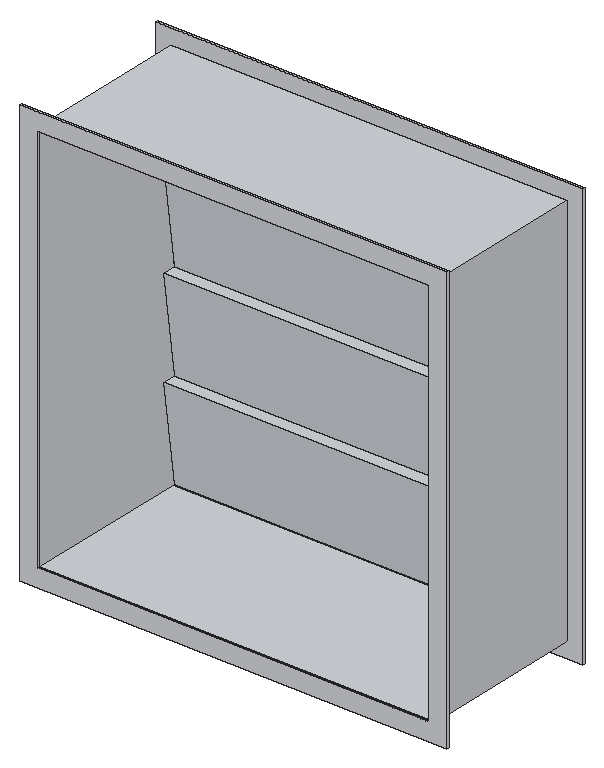
Revit family "НЕВАТОМ_Клапан KD-120-AxB-F2-SN-MN-24(220)-ML-04", category Арматура воздуховодов, Revit 2017
Family settings
  Размер круглого соединителя = Использовать диаметр
  Тип детали = Вставляется
  На основе рабочей плоскости = Нет
  Всегда вертикально = Да
  При загрузке вырезать с полостями = Нет
  Общий = Нет
Parameters (values of type "НЕВАТОМ_Клапан KD-120-AxB-F2-SN-MN-24(220)-ML-04")
  Постоянная ширина [instance] = 220 mm
  НЕВАТОМ_URL [instance] = "https://t.me/NEVATOM_Bim_bot"
  Клапан [instance] = "НЕВАТОМ_Клапан KD-120-AxB-F2-SN-MN-24(220)-ML-04"  # constant formula
  Высота ламели ( B/4) [instance] = B / 4  # 125 mm
  Выбор напряжения [instance] = if(U24, 1 mm, 0 mm)  # 0 mm
  V_privod [instance] = 105 mm  # constant formula
  U24 [instance] = no
  U220 [instance] = and(not(U24))  # yes
  B3 [instance] = B + 5 mm  # 505 mm
  B2 [instance] = if(and(A + B < 1001 mm), B + 45 mm, if(and(A + B > 1001 mm), B + 60 mm, 0 mm))  # 545 mm
  B1 [instance] = if(and(A + B < 1001 mm), B + 20 mm, if(and(A + B > 1001 mm), B + 30 mm, 0 mm))  # 520 mm
  B [instance] = 500 mm
  ADSK_Этаж = ""
  ADSK_Ток = 3 A  # constant formula
  ADSK_Расход воздуха = 0.0 m³/h
  ADSK_Размер_Ширина [instance] = A  # 500 mm
  ADSK_Размер_Высота [instance] = B  # 500 mm
  ADSK_Примечание = ""
  ADSK_Предел огнестойкости = "120"  # constant formula
  ADSK_Потеря давления воздуха = 0.0 Pa
  ADSK_Полная мощность = 4.2 VA  # constant formula
  ADSK_Обозначение = ""
  ADSK_Номинальная мощность = ADSK_Полная мощность * ADSK_Коэффициент мощности  # 4.2 W
  ADSK_Напряжение [instance] = if(U24, 24 V, 220 V)  # 220 V
  ADSK_Наименование [instance] = "Клапан дымоудаления канальный"  # constant formula
  ADSK_Масса [instance] = size_lookup(Клапан, "N", 0, A, B, Выбор напряжения)  # 11.6
  ADSK_Марка [instance] = size_lookup(Клапан, "", "нестандартный размер", A, B, Выбор напряжения)  # "KD-120-500x500-F2-SN-MN-220-ML"
  ADSK_Коэффициент мощности = 1  # constant formula
  ADSK_Количество = 1  # constant formula
  ADSK_Код изделия = ""
  ADSK_Зона = ""
  ADSK_Завод-изготовитель = "НЕВАТОМ"  # constant formula
  ADSK_Единица измерения = "шт."  # constant formula
  A3 [instance] = A + 5 mm  # 505 mm
  A2 [instance] = if(and(A + B < 1001 mm), A + 45 mm, if(and(A + B > 1001 mm), A + 60 mm, 0 mm))  # 545 mm
  A1 [instance] = if(and(A + B < 1001 mm), A + 20 mm, if(and(A + B > 1001 mm), A + 30 mm, 0 mm))  # 520 mm
  A [instance] = 500 mm
Reference planes
  plane 1 "По центру (Вперед/Назад)": y = 0
  plane 2: z = 0
  plane 3 "По центру (Влево/Вправо)": x = 0
  plane 4: x = -272.5
  plane 5: x = 272.5
  plane 6: z = 272.5
  plane 7: z = -272.5
  plane 8: x = -250
  plane 9: x = 250
  plane 10: z = 250
  plane 11: z = -250
  plane 12: x = 252.5
  plane 13: x = -252.5
  plane 14: z = -252.5
  plane 15: z = 252.5
  plane 16: x = -272.5
  plane 17: x = 272.5
  plane 18: z = 272.5
  plane 19: z = -272.5
  plane 20: x = 250
  plane 21: x = -250
  plane 22: z = -250
  plane 23: z = 250
  plane 24: x = -250
  plane 25: x = 250
  plane 26: z = 250
  plane 27: z = -250
  plane 28: y = -220
  plane 29: x = 250
  plane 30: x = -250
  plane 31: z = -250
  plane 32: z = 250
Forms (mm)
  Extrusion 1, solid, detail levels medium+fine
    sketch origin (0, 0, 0) x (1, 0, 0) y (0, 0, 1)
      loop
        line (272.5, 272.5) -> (-272.5, 272.5) -> (-272.5, -272.5) -> (272.5, -272.5) -> (272.5, 272.5)
    from 0 to 3
  Extrusion 2, solid, detail levels medium+fine
    sketch origin (0, 0, 0) x (1, 0, 0) y (0, 0, 1)
      loop
        line (252.5, 252.5) -> (-252.5, 252.5) -> (-252.5, -252.5) -> (252.5, -252.5) -> (252.5, 252.5)
    from 2.5 to 217.5
  Extrusion 3, solid, detail levels medium+fine
    sketch origin (0, 0, 0) x (1, 0, 0) y (0, 0, 1)
      loop
        line (-272.5, 272.5) -> (-272.5, -272.5) -> (272.5, -272.5) -> (272.5, 272.5) -> (-272.5, 272.5)
    from 217.5 to 220
  Extrusion 4, void
    sketch origin (0, 0, 0) x (1, 0, 0) y (0, 0, 1)
      loop
        line (250, 250) -> (-250, 250) -> (-250, -250) -> (250, -250) -> (250, 250)
    from 0 to 90
  Extrusion 5, void
    sketch origin (0, 0, 0) x (1, 0, 0) y (0, 0, 1)
      loop
        line (-250, 250) -> (-250, -250) -> (250, -250) -> (250, 250) -> (-250, 250)
    from 52.884 to 220
Cuts and joins
  Extrusion 4 cuts Extrusion 1
  Extrusion 4, Extrusion 5 cuts Extrusion 2
  Extrusion 4, Extrusion 5 cuts Extrusion 3
Lines and regions (mm)
  reference lines
    curve 1: line (272.5, 0, 272.5) -> (-272.5, 0, 272.5)
    curve 2: line (272.5, 0, -272.5) -> (272.5, 0, 272.5)
    curve 3: line (-272.5, 0, -272.5) -> (272.5, 0, -272.5)
    curve 4: line (-272.5, 0, 272.5) -> (-272.5, 0, -272.5)
    curve 5: line (250, 0, 250) -> (-250, 0, 250)
    curve 6: line (250, 0, -250) -> (250, 0, 250)
    curve 7: line (-250, 0, -250) -> (250, 0, -250)
    curve 8: line (-250, 0, 250) -> (-250, 0, -250)
    curve 9: line (252.5, 0, 252.5) -> (-252.5, 0, 252.5)
    curve 10: line (252.5, 0, -252.5) -> (252.5, 0, 252.5)
    curve 11: line (-252.5, 0, -252.5) -> (252.5, 0, -252.5)
    curve 12: line (-252.5, 0, 252.5) -> (-252.5, 0, -252.5)
    curve 13: line (-272.5, 0, 272.5) -> (272.5, 0, 272.5)
    curve 14: line (-272.5, 0, -272.5) -> (-272.5, 0, 272.5)
    curve 15: line (272.5, 0, -272.5) -> (-272.5, 0, -272.5)
    curve 16: line (272.5, 0, 272.5) -> (272.5, 0, -272.5)
    curve 17: line (250, 0, 250) -> (-250, 0, 250)
    curve 18: line (250, 0, -250) -> (250, 0, 250)
    curve 19: line (-250, 0, -250) -> (250, 0, -250)
    curve 20: line (-250, 0, 250) -> (-250, 0, -250)
    curve 21: line (-250, 0, 250) -> (250, 0, 250)
    curve 22: line (-250, 0, -250) -> (-250, 0, 250)
    curve 23: line (250, 0, -250) -> (-250, 0, -250)
    curve 24: line (250, 0, 250) -> (250, 0, -250)
    curve 25: line (0, -110, 252.5) -> (0, -110, -252.5)
    curve 26: line (0, -110, 0) -> (0, -110, 60)
    curve 27: line (0, -110, 0) -> (0, -110, -60)
Dimensions and locks
  equal spacing: plane 4, plane 3 "По центру (Влево/Вправо)", plane 5
  "A2": plane 4 to plane 5
  equal spacing: plane 7, level, plane 6
  "B2": plane 7 to plane 6
  equal spacing: plane 8, plane 3 "По центру (Влево/Вправо)", plane 9
  "A": plane 8 to plane 9
  equal spacing: plane 11, level, plane 10
  "B": plane 11 to plane 10
  equal spacing: plane 13, plane 3 "По центру (Влево/Вправо)", plane 12
  "A3": plane 13 to plane 12
  equal spacing: plane 14, level, plane 15
  "B3": plane 14 to plane 15
  equal spacing: plane 17, plane 3 "По центру (Влево/Вправо)", plane 16
  "A2": plane 17 to plane 16
  equal spacing: plane 18, level, plane 19
  "B2": plane 18 to plane 19
  equal spacing: plane 21, plane 3 "По центру (Влево/Вправо)", plane 20
  "A": plane 21 to plane 20
  equal spacing: plane 22, level, plane 23
  "B": plane 22 to plane 23
  equal spacing: plane 25, plane 3 "По центру (Влево/Вправо)", plane 24
  "A": plane 25 to plane 24
  equal spacing: plane 26, level, plane 27
  "B": plane 26 to plane 27
  cut or joined group of Extrusion 3, Extrusion 4, Extrusion 5 to cut or joined group of Extrusion 1, Extrusion 4 = 220 mm
  cut or joined group of Extrusion 3, Extrusion 4, Extrusion 5 to cut or joined group of Extrusion 3, Extrusion 4, Extrusion 5 = 545 mm
  cut or joined group of Extrusion 1, Extrusion 4 to cut or joined group of Extrusion 1, Extrusion 4 = 545 mm
  cut or joined group of Extrusion 2, Extrusion 4, Extrusion 5 to cut or joined group of Extrusion 2, Extrusion 4, Extrusion 5 = 500 mm  (x2)
  "Постоянная ширина": plane 28 to plane 1 "По центру (Вперед/Назад)"
  "B": plane 31 to plane 32
  equal spacing: plane 31, plane 2, plane 32
  equal spacing: plane 30, plane 3 "По центру (Влево/Вправо)", plane 29
  "A": plane 30 to plane 29
  equal spacing: group 1, group 3, group 4, group 2  (x3)
  aligned and locked: level to plane 2
  aligned and locked: plane 6 to curve 1
  aligned and locked: plane 4 to curve 4
  aligned and locked: plane 5 to curve 2
  aligned and locked: curve 3 to plane 7
  aligned and locked: Extrusion 1 sketch curve to curve 1
  aligned and locked: Extrusion 1 sketch curve to curve 2
  aligned and locked: Extrusion 1 sketch curve to curve 3
  aligned and locked: Extrusion 1 sketch curve to curve 4
  aligned and locked: plane 10 to curve 5
  aligned and locked: plane 8 to curve 8
  aligned and locked: curve 6 to plane 9
  aligned and locked: curve 7 to plane 11
  aligned and locked: plane 15 to curve 9
  aligned and locked: plane 13 to curve 12
  aligned and locked: plane 12 to curve 10
  aligned and locked: curve 11 to plane 14
  aligned and locked: Extrusion 2 sketch curve to curve 10
  aligned and locked: Extrusion 2 sketch curve to curve 11
  aligned and locked: Extrusion 2 sketch curve to curve 12
  aligned and locked: plane 16 to curve 14
  aligned and locked: plane 17 to curve 16
  aligned and locked: plane 18 to curve 13
  aligned and locked: plane 19 to curve 15
  aligned and locked: Extrusion 3 sketch curve to curve 13
  aligned and locked: Extrusion 3 sketch curve to curve 14
  aligned and locked: Extrusion 3 sketch curve to curve 15
  aligned and locked: Extrusion 3 sketch curve to curve 16
  aligned and locked: plane 23 to curve 17
  aligned and locked: curve 18 to plane 20
  aligned and locked: curve 19 to plane 22
  aligned and locked: plane 21 to curve 20
  aligned and locked: Extrusion 4 sketch curve to curve 6
  aligned and locked: Extrusion 4 sketch curve to curve 7
  aligned and locked: Extrusion 4 sketch curve to curve 8
  aligned and locked: plane 26 to curve 21
  aligned and locked: curve 22 to plane 24
  aligned and locked: plane 25 to curve 24
  aligned and locked: curve 23 to plane 27
  aligned and locked: Extrusion 5 sketch curve to curve 21
  aligned and locked: Extrusion 5 sketch curve to curve 22
  aligned and locked: Extrusion 5 sketch curve to curve 23
  aligned and locked: Extrusion 5 sketch curve to curve 24
  aligned and locked: cut or joined group of Extrusion 3, Extrusion 4, Extrusion 5 to Extrusion 5
  aligned and locked: nested 1 to plane 25
  aligned and locked: cut or joined group of Extrusion 3, Extrusion 4, Extrusion 5 to plane 28
  aligned and locked: plane 28 to cut or joined group of Extrusion 3, Extrusion 4, Extrusion 5  (x4)
  aligned and locked: plane 29 to nested 3
  aligned and locked: plane 30 to nested 3
  aligned and locked: plane 31 to cut or joined group of Extrusion 1, Extrusion 4
  aligned and locked: plane 31 to cut or joined group of Extrusion 3, Extrusion 4, Extrusion 5
  aligned and locked: plane 31 to nested 3
  aligned and locked: plane 29 to nested 5
  aligned and locked: plane 30 to nested 5
  aligned and locked: nested 4 to plane 32
Automatic sketch dimensions
  Extrusion 2 sketch curve to plane 15 = 0 mm
  Extrusion 4 sketch curve to plane 10 = 0 mm
  curve 27 to level = 0 mm
  curve 25 to plane 14 = 0 mm
  curve 25 to plane 15 = 0 mm
  curve 25 to curve 27 = 0 mm
  plane 1 "По центру (Вперед/Назад)" to curve 26 = 110 mm
  curve 27 to curve 26 = 60 mm
  level to curve 26 = 60 mm
Nested families
  nested 1: "НЕВАТОМ_Привод Tasa_Sasa" at (277.878, -93.076, -12.5) x (0, -1, 0) z (-1, 0, 0), type "Привод TASA/SASA", detail levels medium+fine
  nested 2: "НЕВАТОМ_УГО_Клапан KD" at (0, -110, 0) x (-1, 0, 0) z (0, 0, 1), Толщина клапана <- "Постоянная ширина", Ширина клапана <- "A", type "НЕВАТОМ_УГО_Клапан KD"
    with Ширина клапана 500 mm, Толщина клапана 220 mm
  nested 3: "ламель под углом KD" at (0, 9.981, -250.436) x (-1, 0, 0) z (0, 0, 1), B <- "A", A/4 <- "Высота ламели ( B/4)", type "ламель под углом KD", detail levels medium+fine
    with B 500 mm, A/4 125 mm
  nested 4: "ламель под углом KD" at (0, 9.981, 124.564) x (-1, 0, 0) z (0, 0, 1), B <- "A", A/4 <- "Высота ламели ( B/4)", type "ламель под углом KD", detail levels medium+fine
    with B 500 mm, A/4 125 mm
  nested 5: "ламель под углом KD" at (0, 9.981, -125.436) x (-1, 0, 0) z (0, 0, 1), B <- "A", A/4 <- "Высота ламели ( B/4)", type "ламель под углом KD", detail levels medium+fine
    with B 500 mm, A/4 125 mm
  nested 6: "ламель под углом KD" at (0, 9.981, -0.436) x (-1, 0, 0) z (0, 0, 1), B <- "A", A/4 <- "Высота ламели ( B/4)", type "ламель под углом KD", detail levels medium+fine
    with B 500 mm, A/4 125 mm
Connectors
  hvac at (0, 0, 0), driven by "B", driven by "A", driven by "ADSK_Расход воздуха"
    settings: on cut or joined group of Extrusion 1, Extrusion 4, index 1, duct flow 0.0 m³/h, flow factor 0, pres drop 0.0 Pa, loss coef 0, conn angle 0.00°, conn width 500 mm, conn height 500 mm, conn diameter 609.6 mm, duct sys type 29, conn prof type 1, flow config 0, flow direction 1, loss method 0, conn ref index 2, conn util no, is conn primary yes, conn desc ""
  hvac at (0, -220, 0), driven by "B", driven by "A", driven by "ADSK_Потеря давления воздуха", driven by "ADSK_Расход воздуха"
    settings: on cut or joined group of Extrusion 3, Extrusion 4, Extrusion 5, index 2, duct flow 0.0 m³/h, flow factor 0, pres drop 0.0 Pa, loss coef 0, conn angle 0.00°, conn width 500 mm, conn height 500 mm, conn diameter 609.6 mm, duct sys type 29, conn prof type 1, flow config 0, flow direction 2, loss method 4, conn ref index 1, conn util no, is conn primary no, conn desc ""
  electrical at (250, -110, 0), driven by "ADSK_Напряжение", driven by "ADSK_Полная мощность"
    settings: on cut or joined group of Extrusion 2, Extrusion 4, Extrusion 5, index 3, voltage 220 V, apparent load 0 VA, apparent load phase1 4.2 VA, apparent load phase2 0 VA, apparent load phase3 0 VA, power factor 1, load classification "Прочее", number of poles 1, system type 31, power factor state 1, is connector primary yes, connector utility no, sub classification motor no, connector description ""
Definition of nested family "ламель под углом KD"
  Parameters (values of type "ламель под углом KD")
    B [instance] = 1500 mm
    A/4 [instance] = 1500 mm
  Reference planes
    plane 1 "По центру (Вперед/Назад)": y = 0
    plane 2: z = 0
    plane 3 "По центру (Влево/Вправо)": x = 0
    plane 4: z = 1500
    plane 5: x = -750
    plane 6: x = 750
  Forms (mm)
    Extrusion 1, solid
      sketch origin (0, -14.979, 0.436) x (0, -1, 0) y (0, 0, -1)
        loop
          line (-7.499, 0) -> (-27.501, 0) -> (-44.961, -1500) -> (-24.96, -1500) -> (-7.499, 0)
      from -750 to 750
  Lines and regions (mm)
    reference lines
      curve 1: line (0, 0, 0) -> (0, -17.46, 1500)
      curve 2: line (0, 0, 0) -> (0, 17.46, 1500)
  Dimensions and locks
    "A/4": plane 4 to level
    equal spacing: plane 6, plane 3 "По центру (Влево/Вправо)", plane 5
    "B": plane 6 to plane 5
    locked: Extrusion 1 to Extrusion 1 at 20
    aligned and locked: level to plane 2
    aligned and locked: plane 4 to curve 1
    aligned and locked: plane 1 "По центру (Вперед/Назад)" to curve 1
    aligned and locked: Extrusion 1 to plane 5
    aligned and locked: plane 6 to Extrusion 1
  Automatic sketch dimensions
    curve 2 to plane 4 = 0 mm
    curve 2 to level = 0 mm
    plane 1 "По центру (Вперед/Назад)" to curve 1 = 17.46 mm
    curve 2 to plane 1 "По центру (Вперед/Назад)" = 17.46 mm
    Extrusion 1 sketch curve to plane 4 = 0.436 mm
    Extrusion 1 sketch curve to level = 0.436 mm
    plane 1 "По центру (Вперед/Назад)" to Extrusion 1 sketch curve = 12.522 mm
    Extrusion 1 sketch curve to Extrusion 1 sketch curve = 20.001 mm
    plane 1 "По центру (Вперед/Назад)" to Extrusion 1 sketch curve = 29.982 mm
    Extrusion 1 sketch curve to plane 1 "По центру (Вперед/Назад)" = 7.48 mm
Definition of nested family "НЕВАТОМ_Привод Tasa_Sasa"
  Parameters (values of type "Привод TASA/SASA")
    ADSK_Этаж = ""
    ADSK_Предел огнестойкости = ""
    ADSK_Позиция = ""
    ADSK_Обозначение = ""
    ADSK_Наименование = "Привод TASA/SASA"  # constant formula
    ADSK_Марка = ""
    ADSK_Количество = 0
    ADSK_Код изделия = ""
    ADSK_Зона = ""
    ADSK_Единица измерения = ""
  Reference planes
    plane 1 "По центру (Вперед/Назад)": y = 0
    plane 2: z = 0
    plane 3 "По центру (Влево/Вправо)": x = 0
  Dimensions and locks
    aligned and locked: level to plane 2
Definition of nested family "НЕВАТОМ_УГО_Клапан KD"
  Parameters (values of type "НЕВАТОМ_УГО_Клапан KD")
    Ширина косой линии УГО = 150 mm
    Ширина клапана [instance] = 200 mm
    Толщина клапана [instance] = 120 mm
  Reference planes
    plane 1 "По центру (Вперед/Назад)": y = 0
    plane 2: z = 0
    plane 3 "По центру (Влево/Вправо)": x = 0
    plane 4: x = -100
    plane 5: x = 100
    plane 6: y = 60
    plane 7: y = -60
  Lines and regions (mm)
    symbolic lines, not visible
      curve 1: line (-77.5, 60, 0) -> (-77.5, -60, 0)
      curve 2: line (-22.5, 60, 0) -> (-22.5, -60, 0)
      curve 6: line (-50, 60, 0) -> (-50, -60, 0)
    model lines, not visible, detail levels coarse
      curve 3: line (-77.5, -60, 0) -> (-61.458, -24.999, 0)
      curve 4: circle (-50, 0, 0) r 27.5 normal (0, 0, 1)
      curve 5: line (-38.542, 24.999, 0) -> (-22.5, 60, 0)
    model lines, detail levels coarse+medium
      curve 7: line (-100, 60, 0) -> (100, 60, 0)
      curve 8: line (-100, -60, 0) -> (-100, 60, 0)
      curve 9: line (100, -60, 0) -> (-100, -60, 0)
      curve 10: line (100, 60, 0) -> (100, -60, 0)
  Dimensions and locks
    equal spacing: plane 7, plane 1 "По центру (Вперед/Назад)", plane 6
    "Толщина клапана": plane 7 to plane 6
    equal spacing: plane 4, plane 3 "По центру (Влево/Вправо)", plane 5
    "Ширина клапана": plane 4 to plane 5
    aligned and locked: level to plane 2
    aligned and locked: curve 7 to plane 6
    aligned and locked: plane 4 to curve 8
    aligned and locked: curve 9 to plane 7
    aligned and locked: curve 10 to plane 5
    aligned and locked: plane 1 "По центру (Вперед/Назад)" to nested 2
    aligned and locked: plane 3 "По центру (Влево/Вправо)" to nested 2
  Automatic sketch dimensions
    curve 3 to curve 4 = 27.5 mm
    curve 1 to curve 5 = 55 mm
    curve 3 to curve 4 = 60 mm
    curve 4 to curve 5 = 60 mm
    curve 3 to curve 4 = 11.458 mm
    curve 6 to curve 2 = 27.5 mm
    curve 4 to curve 5 = 11.458 mm
    curve 3 to curve 2 = 0 mm
    curve 6 to curve 2 = 0 mm  (x2)
    curve 3 to curve 4 = 24.999 mm
    curve 1 to curve 6 = 0 mm
  Nested families
    nested 1: "РОВЕН_ЛинияДляЗаливкиУГО" at (-50, -0.543, 0), type "РОВЕН_ЛинияДляЗаливкиУГО", not visible
      with l 156.205 mm
    nested 2: "РОВЕН_УгоКлапанДМУ2D" at (0, 0, 0), Толщина клапана <- "Толщина клапана", Ширина клапана <- "Ширина клапана", type "РОВЕН_УгоКлапанДМУ2D", detail levels coarse+medium
      with Ширина клапана 200 mm, Толщина клапана 120 mm
  Definition of nested family "РОВЕН_УгоКлапанДМУ2D"
    Parameters (values of type "РОВЕН_УгоКлапанДМУ2D")
      Ширина клапана [instance] = 250 mm
      Толщина клапана [instance] = 120 mm
      Отступ для УГО = 60 mm
      Материал = none
    Reference planes
      plane 1 "По центру (Вперед/Назад)": y = 0
      plane 2: z = 0
      plane 3 "По центру (Влево/Вправо)": x = 0
      plane 4: x = -125
      plane 5: x = 125
      plane 6: y = 60
      plane 7: y = -60
      plane 8: x = -65
      plane 9: x = 65
      plane 10: z = 1
    Forms (mm)
      Extrusion 1, solid, material <- "Материал"
        sketch origin (0, 0, 0) x (1, 0, 0) y (0, 1, 0)
          loop
            line (-125, 60) -> (-125, -60) -> (125, -60) -> (-125, 60)
        from 0 to 1
    Lines and regions (mm)
      symbolic lines, not visible
        curve 1: line (-77.5, 60, 0) -> (-77.5, -60, 0)
        curve 2: line (-22.5, 60, 0) -> (-22.5, -60, 0)
        curve 6: line (-50, 60, 0) -> (-50, -60, 0)
      model lines, not visible, detail levels coarse
        curve 3: line (-77.5, -60, 0) -> (-61.458, -24.999, 0)
        curve 4: circle (-50, 0, 0) r 27.5 normal (0, 0, 1)
        curve 5: line (-38.542, 24.999, 0) -> (-22.5, 60, 0)
      model lines, not visible, detail levels coarse+medium
        curve 7: line (-125, 60, 0) -> (125, 60, 0)
        curve 8: line (-125, -60, 0) -> (-125, 60, 0)
        curve 9: line (125, -60, 0) -> (-125, -60, 0)
        curve 10: line (125, 60, 0) -> (125, -60, 0)
    Dimensions and locks
      equal spacing: plane 7, plane 1 "По центру (Вперед/Назад)", plane 6
      "Толщина клапана": plane 7 to plane 6
      equal spacing: plane 4, plane 3 "По центру (Влево/Вправо)", plane 5
      "Ширина клапана": plane 4 to plane 5
      "Отступ для УГО": plane 4 to plane 8
      "Отступ для УГО": plane 9 to plane 5
      locked: plane 10 to plane 2 at 1
      aligned and locked: level to plane 2
      aligned and locked: curve 10 to plane 5
      aligned and locked: Extrusion 1 sketch curve to plane 4
      aligned and locked: plane 7 to Extrusion 1 sketch curve  (x2)
      aligned and locked: plane 6 to Extrusion 1 sketch curve
      aligned and locked: plane 5 to Extrusion 1 sketch curve
      aligned and locked: plane 10 to Extrusion 1
    Automatic sketch dimensions
      curve 3 to curve 4 = 27.5 mm
      curve 1 to curve 5 = 55 mm
      curve 3 to curve 4 = 60 mm
      curve 4 to curve 5 = 60 mm
      curve 3 to curve 4 = 11.458 mm
      curve 6 to curve 2 = 27.5 mm
      curve 4 to curve 5 = 11.458 mm
      curve 3 to curve 2 = 0 mm
      curve 6 to curve 2 = 0 mm  (x2)
      curve 3 to curve 4 = 24.999 mm
      curve 1 to curve 6 = 0 mm
      curve 7 to plane 4 = 0 mm
      curve 8 to plane 6 = 0 mm
      plane 7 to curve 9 = 0 mm
    Nested families
      nested 1: "РОВЕН_ЛинияДляЗаливкиУГО" at (-50, -0.543, 0), type "РОВЕН_ЛинияДляЗаливкиУГО", not visible
        with l 150 mm
    Definition of nested family "РОВЕН_ЛинияДляЗаливкиУГО"
      Parameters (values of type "РОВЕН_ЛинияДляЗаливкиУГО")
        l = 60 mm
      Reference planes
        plane 1 "По центру (Вперед/Назад)": y = 0
        plane 2: z = 0
        plane 3 "По центру (Влево/Вправо)": x = 0
        plane 4: y = 60
      Lines and regions (mm)
        model lines, detail levels coarse+medium
          curve 1: line (0, 0, 0) -> (0, 60, 0)
      Dimensions and locks
        "l": plane 1 "По центру (Вперед/Назад)" to plane 4
        aligned and locked: level to plane 2
        aligned and locked: plane 4 to curve 1
        aligned and locked: plane 1 "По центру (Вперед/Назад)" to curve 1
        aligned and locked: plane 3 "По центру (Влево/Вправо)" to curve 1
  Definition of nested family "РОВЕН_ЛинияДляЗаливкиУГО"
    Parameters (values of type "РОВЕН_ЛинияДляЗаливкиУГО")
      l = 60 mm
    Reference planes
      plane 1 "По центру (Вперед/Назад)": y = 0
      plane 2: z = 0
      plane 3 "По центру (Влево/Вправо)": x = 0
      plane 4: y = 60
    Lines and regions (mm)
      model lines, detail levels coarse+medium
        curve 1: line (0, 0, 0) -> (0, 60, 0)
    Dimensions and locks
      "l": plane 1 "По центру (Вперед/Назад)" to plane 4
      aligned and locked: level to plane 2
      aligned and locked: plane 4 to curve 1
      aligned and locked: plane 1 "По центру (Вперед/Назад)" to curve 1
      aligned and locked: plane 3 "По центру (Влево/Вправо)" to curve 1
